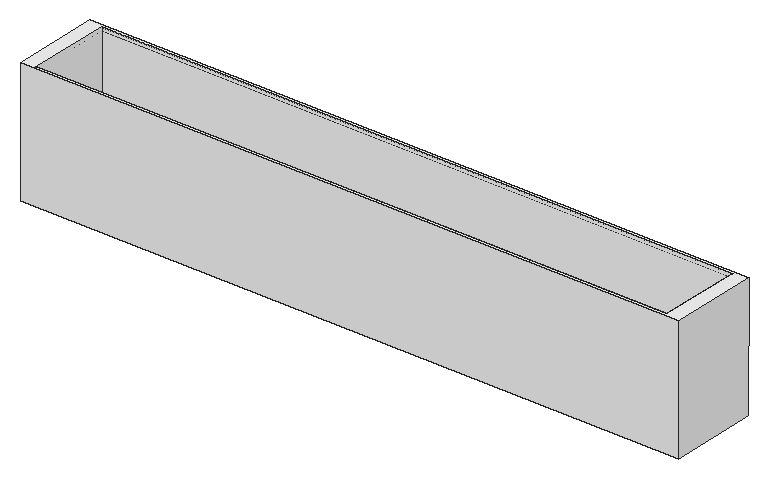
Revit family "MOD 3-S-D", category Lighting Fixtures, host Face, Revit 2021
Family settings
  Host = Face
  Round Connector Dimension = Use Diameter
  Part Type = Normal
  OmniClass Number = 23.80.70.11.14.17
  OmniClass Title = Direct/Indirect
  Cut with Voids When Loaded = No
  Light Source = Yes
  Shared = Yes
  Room Calculation Point = No
Parameters (values of type "MOD3-S-D-02")
  Wattage = 10.3 W
  Warranty = "5-Years Warranty"  # constant formula
  built-in parameter 1150110 = 1 (stored number, unit not read)
  Voltage = 120 V
  Type Comments = "Lighting Fixture"  # constant formula
  built-in parameter 1114217 = 1 (stored number, unit not read)
  Tilt Angle = -90.00°
  built-in parameter 1150109 = 1 (stored number, unit not read)
  built-in parameter 1150134 = (empty or 0)
  built-in parameter 1150113 = 1 (stored number, unit not read)
  Product Page URL = ""
  Product Documentation Link = ""
  Power Factor = 1
  Photometric Web File = "3L-S-D-4-SOF-X-CX-35K-D100.IES"
  Photometric Notes = "More IES files download on Photometric Link"  # constant formula
  zz Length 1 = 2' - 0"
  Wattage Comments = "Variable Intensity technology provides specifiable lumen output/wattage"  # constant formula
  URL = "https://www.currentlighting.com/litecontrol"
  Mounting = "Surface"  # constant formula
  Model = "MOD 3 LED Surface Direct"  # constant formula
  Manufacturer = "Litecontrol"  # constant formula
  built-in parameter 1150105 = 79.506 (stored number, unit not read)
  Lumens = 999.1 lm
  built-in parameter 1150115 = 1 (stored number, unit not read)
  Load Classification = Lighting
  built-in parameter 1150137 = (empty or 0)
  built-in parameter 1150139 = (empty or 0)
  built-in parameter 1150112 = 1 (stored number, unit not read)
  built-in parameter 1150114 = 1 (stored number, unit not read)
  Lamp = "LED"  # constant formula
  built-in parameter 1150132 = (empty or 0)
  built-in parameter 1150102 = (empty or 0)
  built-in parameter 1150107 = 3500 (stored number, unit not read)
  built-in parameter 1150138 = (empty or 0)
  built-in parameter 1150106 = 0.79506 (stored number, unit not read)
  Glass = Glass -  White
  Fixture Distribution = "Direct/Asymmetric Direct"  # constant formula
  Emit from Rectangle Width = zz Length 1 - 0' 1"  # 1' - 11"
  Emit from Rectangle Length = 0' - 3"  # constant formula
  Emit Shape Visible in Rendering = no
  built-in parameter 1150104 = 9.0116 (stored number, unit not read)
  Downlight Diffuser = "Blade Baffle/Soft Glow Lens/Regressed Diffuse Lens/Asymmetric Diffuser Lens"  # constant formula
  Dimming Lamp Color Temperature Shift = <None>
  Description = "The MODx family is an affordably-priced, full-featured offering with best-in-class attention to detail"  # constant formula
  Default Elevation = 4' - 0"
  Copyright = "Copyright ©  Litecontrol"  # constant formula
  Contact Us = ""
  Color Filter = 16777215
  built-in parameter 1114218 = 1 (stored number, unit not read)
  Housing Material = Paint -  Matte White
  built-in parameter 1150133 = 10 (stored number, unit not read)
  Assembly Code = "D5020200"
  Apparent Load = 0 VA
Types (7): name | zz Length 1 | Emit from Rectangle Width
  (no name) | 2' - 0" | 1' - 11"
  MOD3-S-D-04 | 4' - 0" | 3' - 11"
  MOD3-S-D-02 | 2' - 0" | 1' - 11"
  MOD3-S-D-03 | 3' - 0" | 2' - 11"
  MOD3-S-D-05 | 5' - 0" | 4' - 11"
  MOD3-S-D-06 | 6' - 0" | 5' - 11"
  MOD3-S-D-08 | 8' - 0" | 7' - 11"
Reference planes (in)
  plane 1 "Center (Front/Back)": y = 13.01342
  plane 2: z = 0
  plane 3 "Center (Left/Right)": x = 0
  plane 4: z = 3
Dimensions and locks (in)
  locked: plane 4 to plane 2 at 3
  aligned and locked: plane 2 to host face
  aligned and locked: level to host face
  aligned and locked: plane 3 "Center (Left/Right)" to nested 1
  aligned and locked: plane 1 "Center (Front/Back)" to nested 1
  aligned and locked: plane 4 to imposter light
  aligned and locked: plane 3 "Center (Left/Right)" to imposter light
Nested families (in)
  nested 1: "3L-P" at (-0.01104, 12.97343, 0), Glass <- "Glass", Backbox <- "Housing Material", Length <- "zz Length 1", type "3L-P"
    with Length 2' - 0", Glass Glass -  White, Backbox Paint -  Matte White
Connectors (in)
  electrical at (0, 13.01342, 0), driven by "Load Classification", driven by "Voltage", driven by "Apparent Load", driven by "Power Factor"
    settings: on nested 1, index 1, voltage 120 V, apparent load 0 VA, apparent load phase1 0 VA, apparent load phase2 0 VA, apparent load phase3 0 VA, power factor 1, load classification "Lighting", number of poles 1, system type 30, power factor state 1, is connector primary yes, connector utility no, sub classification motor no, connector description "Electrical Connector"
Definition of nested family "3L-P"
  Parameters
    Wattage Comments = ""
    URL = ""
    Model = ""
    Manufacturer = ""
    Length [instance] = 6' - 0"
    Lamp = ""
    Glass [instance] = none
    Description = ""
    Default Elevation = 4' - 0"
    Backbox [instance] = none
  Reference planes (in)
    plane 1 "Center (Front/Back)": y = 0.03999
    plane 2: z = 0
    plane 3 "Center (Left/Right)": x = 0.01104
    plane 4: z = 4.5
    plane 5: z = 1
    plane 6: x = -35.98896
    plane 7: x = 36.01104
    plane 8: x = -35.48896
    plane 9: x = 35.51104
    plane 10: y = 1.53999
    plane 11: y = -1.46001
    plane 12: y = -1.55001
    plane 13: y = 1.62999
    plane 14: z = 0.5625
    plane 15: z = 4.375
    plane 16: z = 3.9375
  Forms (in)
    Extrusion 1, solid
      sketch origin (0, 0, 0.06357) x (1, 0, 0) y (0, 1, 0)
        loop
          line (-48, 48) -> (-48, -48) -> (48, -48) -> (48, 48) -> (-48, 48)
      from -0.06357 to -12.81105
    Extrusion 2, void
      sketch origin (-23.78896, 8.13374, 2) x (0, -1, 0) y (1, 0, 0)
        loop
          line (6.59375, -11.7) -> (9.59375, -11.7) -> (9.59375, 59.3) -> (6.59375, 59.3) -> (6.59375, -11.7)
      from 2.5 to -1
    Extrusion 3, solid, material <- "Backbox"
      sketch origin (0.01104, 0, 0) x (0, 1, 0) y (0, 0, 1)
        loop
          line (1.62999, 4.5) -> (-1.55001, 4.5) -> (-1.55001, 0) -> (1.62999, 0) -> (1.62999, 4.5)
      from -36 to 36
    Extrusion 4, solid, material <- "Glass"
      sketch origin (0, 0, 4.3125) x (0, -1, 0) y (1, 0, 0)
        loop
          line (-1.53999, -35.48896) -> (1.46001, -35.48896) -> (1.46001, 35.51104) -> (-1.53999, 35.51104) -> (-1.53999, -35.48896)
      from 0.0625 to 0.1875
  Cuts and joins
    Extrusion 2 cuts Extrusion 3
  Dimensions and locks (in)
    "Length": plane 7 to plane 6
    locked: plane 8 to plane 6 at 0.5
    locked: plane 7 to plane 9 at 0.5
    equal spacing: plane 7, plane 3 "Center (Left/Right)", plane 6
    plane 4 to plane 2 = 0' - 4 1/2"
    plane 14 to plane 2 = 0' - 0 9/16"
    locked: plane 5 to plane 2 at 1
    locked: plane 4 to plane 15 at 0.125
    equal spacing: plane 10, plane 1 "Center (Front/Back)", plane 11, locked at 1.5 each
    locked: plane 13 to plane 10 at 0.09
    locked: plane 11 to plane 12 at 0.09
    aligned and locked: plane 2 to Extrusion 1
    aligned and locked: plane 10 to Extrusion 2 sketch curve
    aligned and locked: plane 11 to Extrusion 2 sketch curve
    aligned and locked: plane 4 to Extrusion 3 sketch curve
    aligned and locked: plane 13 to Extrusion 3 sketch curve
    aligned and locked: Extrusion 3 sketch curve to level
    aligned and locked: plane 12 to Extrusion 3 sketch curve
    aligned and locked: Extrusion 3 to plane 6
    aligned and locked: plane 7 to Extrusion 3
    aligned and locked: plane 9 to Extrusion 2
    aligned and locked: Extrusion 2 to plane 8
    aligned and locked: plane 4 to Extrusion 4
    aligned and locked: plane 4 to Extrusion 2
    aligned and locked: Extrusion 2 to plane 5
    aligned and locked: Extrusion 4 to plane 15
  Automatic sketch dimensions
    Extrusion 1 sketch curve to Extrusion 1 sketch curve = 8' - 0"  (x2)
    Extrusion 2 sketch curve to plane 8 = 0' - 0"
    Extrusion 2 sketch curve to plane 9 = 0' - 0"
    Extrusion 4 sketch curve to plane 9 = 0' - 0"
    plane 10 to Extrusion 4 sketch curve = 0' - 0"
    Extrusion 4 sketch curve to plane 8 = 0' - 0"
    Extrusion 4 sketch curve to plane 11 = 0' - 0"
